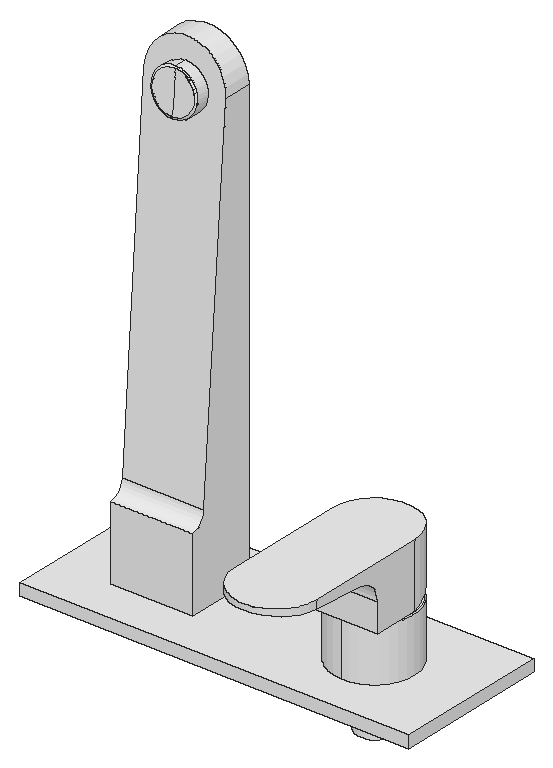
Revit family "Mixer-Bath-Caroma Track-Wall", category Plumbing Fixtures, host Face, Revit 2014
Parameters (values of type "Standard")
  Width_ANZRS = 256 mm  # constant formula
  Waste Connection = no
  WELSRating_ANZRS = ""
  Vent Connection = no
  URL = "http://specify.caroma.com.au/products/mixer-taps/track/track-wall-bath-mixer"
  Type Comments = "Caroma Track Wall Bath Mixer"  # constant formula
  ModifiedIssue_ANZRS = 20150112.01  # constant formula
  Model = "90217C"  # constant formula
  Material_ANZRS = Metal-Chrome-Caroma
  Manufacturer = "GWA Bathrooms & Kitchens"  # constant formula
  Length_ANZRS = 200 mm  # constant formula
  Height_ANZRS = 124 mm  # constant formula
  HWFU = 4
  HW Connection = yes
  Description = "Track mixers and showers from Australia's leading bathroom brand will lift the feel of any bathroom. Choose the clean, contemporary European design without the European price."  # constant formula
  Default Elevation = 500 mm
  CreatedBy_ANZRS = "Design Content"  # constant formula
  CreatedByURL_ANZRS = "http://www.designcontent.com.au"
  Cost = 0
  Connector Radius = 10 mm  # constant formula
  CWFU = 4
  CW Connection = yes
  Assembly Code = "D2020300"
Reference planes
  plane 1 "Center (Front/Back)": y = 0
  plane 2: z = 0
  plane 3 "Center (Left/Right)": x = 0
  plane 4 "Centre of Outlet": x = -50
  plane 5 "Centre of Mixer": x = 50
Forms (mm)
  Extrusion 1, solid, material "Metal-Chrome-Caroma" <- "Material_ANZRS"
    sketch origin (64.142, 0, 0) x (1, 0, 0) y (0, 1, 0)
      loop
        circle (-7.071, -7.071) r 10
    from -20 to 0
  Extrusion 2, solid, material "Metal-Chrome-Caroma" <- "Material_ANZRS"
    sketch origin (35.858, 0, 0) x (-1, 0, 0) y (0, -1, 0)
      loop
        circle (-7.071, -7.071) r 10
    from -20 to 0
  Extrusion 3, solid, material "Metal-Chrome-Caroma" <- "Material_ANZRS"
    sketch origin (0, 0, 0) x (1, 0, 0) y (0, 1, 0)
      loop
        line (-100, 40) -> (-100, -40) -> (100, -40) -> (100, 40) -> (-100, 40)
    from 0 to 6
  Revolve 4, solid, material "Metal-Chrome-Caroma" <- "Material_ANZRS"
    sketch origin (-50, 0, 0) x (0, 1, 0) y (0, 0, 1)
      loop
        line (-2.447, 245.493) -> (-3.098, 244.543) -> (-3.926, 233.61) -> (3.263, 233.066) -> (4.166, 244.992) -> (-2.447, 245.493)
      axis (3.263, 233.066) -> (-3.926, 233.61)
    angle from 0 to 360
  Revolve 5, solid, material "Metal-Chrome-Caroma" <- "Material_ANZRS", detail levels fine
    sketch origin (50, 1524, 1219.2) x (0, 1, 0) y (0, 0, 1)
      loop
        line (-1549.103, -1168.812) -> (-1548.001, -1168.812) -> (-1548.001, -1165.134)
        arc (-1548.001, -1165.134) -> (-1548.334, -1165.359) -> (-1548.548, -1165.699) r 0.975
        arc (-1548.548, -1165.699) -> (-1548.963, -1167.231) -> (-1549.103, -1168.812) r 8.996
      axis (-1548.001, -1168.812) -> (-1549.103, -1168.812)
    angle from 0 to 360
  Extrusion 6, void
    sketch origin (50, 1524, 1219.2) x (0, -1, 0) y (0, 0, 1)
      loop
        line (1499.35, -1172.305) -> (1499.35, -1184.131) -> (1524.7, -1184.131) -> (1499.35, -1172.305)
      loop
        line (1548, -1184.935) -> (1609.944, -1184.935) -> (1609.944, -1153.6) -> (1559.163, -1157.151)
        arc (1559.163, -1157.151) -> (1551.224, -1160.938) -> (1548, -1169.122) r 12
        line (1548, -1169.122) -> (1548, -1184.935)
    from -50 to 50
  Extrusion 7, solid, material "Metal-Chrome-Caroma" <- "Material_ANZRS"
    sketch origin (45, 0, -122.5) x (1, 0, 0) y (0, 1, 0)
      loop
        arc (-16, -63.001) -> (5, -84) -> (26, -63.001) r 21
        line (26, -63.001) -> (26, 0)
        arc (26, 0) -> (5, 21) -> (-16, 0) r 21
        line (-16, 0) -> (-16, -63.001)
    from 157.9 to 190.9
  Revolve 8, solid, material "Metal-Chrome-Caroma" <- "Material_ANZRS"
    sketch origin (50, 1524, 1219.2) x (0, 1, 0) y (0, 0, 1)
      loop
        line (-1524, -1213.2) -> (-1503.028, -1213.2) -> (-1503.028, -1185.2)
        arc (-1503.028, -1185.2) -> (-1503.174, -1184.846) -> (-1503.528, -1184.7) r 0.5
        line (-1503.528, -1184.7) -> (-1505.526, -1184.7)
        arc (-1505.526, -1184.7) -> (-1506.899, -1178.494) -> (-1510.297, -1173.122) r 18.448
        line (-1510.297, -1173.122) -> (-1524, -1173.122) -> (-1524, -1213.2)
      axis (-1524, -1213.2) -> (-1524, -1173.122)
    angle from 0 to 360
  Extrusion 9, solid, material "Metal-Chrome-Caroma" <- "Material_ANZRS"
    sketch origin (0, 0, 0) x (1, 0, 0) y (0, 0, 1)
      loop
        line (-71, 6) -> (-29, 6) -> (-29, 235)
        arc (-29, 235) -> (-50, 256) -> (-71, 235) r 21
        line (-71, 235) -> (-71, 6)
    from -18 to 20.898
  Extrusion 10, void
    sketch origin (0, 0, 0) x (0, 1, 0) y (0, 0, 1)
      loop
        line (5.379, 261) -> (-61.185, 261) -> (-61.185, -3.06) -> (-18, -3.06) -> (-18, 44.014)
        arc (-18, 44.014) -> (-12.861, 46.296) -> (-10.493, 51.396) r 8
        line (-10.493, 51.396) -> (5.379, 261)
    from -77.337 to -23.986
Cuts and joins
  Extrusion 6 cuts Extrusion 7
  Extrusion 10 cuts Extrusion 9
  joined: Extrusion 3, Revolve 4, Extrusion 7, Revolve 8, Extrusion 9
Lines and regions (mm)
  Masking region 1
    outline origin (0, 0, 0) x (1, 0, 0) y (0, 1, 0)
      loop
        line (-100, 40) -> (-100, -40) -> (29, -40) -> (29, -63.001)
        arc (29, -63.001) -> (50, -84) -> (71, -63.001) r 21
        line (71, -63.001) -> (71, -40) -> (100, -40) -> (100, 40) -> (-100, 40)
  Masking region 2
    outline origin (0, 0, 0) x (1, 0, 0) y (0, 0, 1)
      loop
        line (100, 0) -> (100, 6) -> (70.972, 6) -> (70.972, 34.5) -> (68.474, 34.5) -> (68.411, 35.4) -> (71, 35.4) -> (71, 68.4) -> (50, 68.4) -> (29, 68.4) -> (29, 35.4) -> (31.589, 35.4) -> (31.526, 34.5) -> (29.028, 34.5) -> (29.028, 6) -> (-29, 6) -> (-29, 235)
        arc (-29, 235) -> (-50, 256) -> (-71, 235) r 21
        line (-71, 235) -> (-71, 6) -> (-100, 6) -> (-100, 0) -> (100, 0)
  symbolic lines, style "Taps/Mixers"
    curve 1: arc (71, 0, 0) -> (50, 21, 0) -> (29, 0, 0) r 21
    curve 2: line (29, 0, 0) -> (29, -63.001, 0)
    curve 3: line (71, -63.001, 0) -> (71, 0, 0)
    curve 4: line (-71, 18, 0) -> (-29, 18, 0)
    curve 5: line (-71, -18, 0) -> (-71, 18, 0)
    curve 6: line (-29, -18, 0) -> (-71, -18, 0)
    curve 7: line (-29, 18, 0) -> (-29, -18, 0)
    curve 8: line (68.474, 0, 34.5) -> (31.526, 0, 34.5)
    curve 9: line (71, 0, 35.4) -> (68.412, 0, 35.4)
    curve 10: line (29, 0, 35.4) -> (31.588, 0, 35.4)
    curve 11: spline (50, 0, 42.876) -> (52.344, 0, 42.813) -> (54.65, 0, 42.624) -> (56.88, 0, 42.313) -> (58.999, 0, 41.885) -> (60.971, 0, 41.346) -> (62.765, 0, 40.705) -> (64.352, 0, 39.973) -> (65.705, 0, 39.161) -> (66.804, 0, 38.284) -> (67.629, 0, 37.354) -> (68.168, 0, 36.388) -> (68.412, 0, 35.4)
    curve 12: spline (31.588, 0, 35.4) -> (31.832, 0, 36.388) -> (32.371, 0, 37.354) -> (33.196, 0, 38.284) -> (34.295, 0, 39.161) -> (35.648, 0, 39.973) -> (37.235, 0, 40.705) -> (39.029, 0, 41.346) -> (41.001, 0, 41.885) -> (43.12, 0, 42.313) -> (45.35, 0, 42.624) -> (47.656, 0, 42.813) -> (50, 0, 42.876)
    curve 13: line (29, 0, 35.4) -> (71, 0, 35.4)
    curve 14: line (70.972, 0, 6) -> (29.028, 0, 6)
    curve 15: line (-29, 0, 6) -> (-71, 0, 6)
    curve 16: spline (-70.992, 3.41, 0) -> (-70.29, 3.821, 0) -> (-68.2, 4.204, 0) -> (-64.865, 4.534, 0) -> (-60.514, 4.786, 0) -> (-55.443, 4.945, 0) -> (-50, 4.999, 0) -> (-44.557, 4.945, 0) -> (-39.486, 4.786, 0) -> (-35.135, 4.534, 0) -> (-31.8, 4.204, 0) -> (-29.71, 3.821, 0) -> (-29.008, 3.41, 0)
    curve 17: spline (-38.039, 3.263, 0) -> (-38.447, 3.497, 0) -> (-39.642, 3.715, 0) -> (-41.543, 3.902, 0) -> (-44.02, 4.045, 0) -> (-46.904, 4.136, 0) -> (-50, 4.166, 0) -> (-53.096, 4.136, 0) -> (-55.98, 4.045, 0) -> (-58.457, 3.902, 0) -> (-60.358, 3.715, 0) -> (-61.553, 3.497, 0) -> (-61.961, 3.263, 0)
    curve 18: spline (-61.804, -3.496, 0) -> (-61.865, -3.236, 0) -> (-60.942, -2.985, 0) -> (-59.114, -2.765, 0) -> (-56.531, -2.593, 0) -> (-53.406, -2.484, 0) -> (-50, -2.447, 0) -> (-46.594, -2.484, 0) -> (-43.469, -2.593, 0) -> (-40.886, -2.765, 0) -> (-39.058, -2.985, 0) -> (-38.135, -3.236, 0) -> (-38.196, -3.496, 0)
    curve 19: line (-38.196, -3.496, 0) -> (-39.134, -4.037, 0)
    curve 20: line (-61.804, -3.496, 0) -> (-60.866, -4.037, 0)
    curve 21: spline (-60.964, -3.926, 0) -> (-60.59, -4.14, 0) -> (-59.495, -4.34, 0) -> (-57.753, -4.511, 0) -> (-55.482, -4.643, 0) -> (-52.838, -4.725, 0) -> (-50, -4.754, 0) -> (-47.162, -4.725, 0) -> (-44.518, -4.643, 0) -> (-42.247, -4.511, 0) -> (-40.505, -4.34, 0) -> (-39.41, -4.14, 0) -> (-39.036, -3.926, 0) -> (-39.41, -3.711, 0) -> (-40.505, -3.512, 0) -> (-42.247, -3.34, 0) -> (-44.518, -3.209, 0) -> (-47.162, -3.126, 0) -> (-50, -3.098, 0) -> (-52.838, -3.126, 0) -> (-55.482, -3.209, 0) -> (-57.753, -3.34, 0) -> (-59.495, -3.512, 0) -> (-60.59, -3.711, 0) -> (-60.964, -3.926, 0)
    curve 22: line (-61.961, 3.263, 0) -> (-61.961, -3.35, 0)
    curve 23: line (-38.039, 3.263, 0) -> (-38.039, -3.35, 0)
Dimensions and locks
  aligned and locked: plane 2 to host face
  aligned and locked: level to host face
Connectors
  piping at (57.071, -7.071, -20), diameter 20, driven by "Connector Radius", driven by "CWFU"
    settings: on Extrusion 1, index 5, connector inside diameter 0.7874", connector length 0 mm, flow factor 0, pipe flow 0 GPM, pressure drop 0.00 psi, fitting loss kfactor 0, connector angle 0.00°, fixture units 4, engagement length 0 mm, angle of deflection 0.00°, flow configuration 3, flow direction 1, fitting loss method 101, system type 20, joint type 0, gender type 0, connector reference index -1, connector utility 0, adjustable connector no, is connector primary yes, connector description ""
  piping at (42.929, 7.071, -20), diameter 20, driven by "Connector Radius", driven by "HWFU"
    settings: on Extrusion 2, index 6, connector inside diameter 0.7874", connector length 0 mm, flow factor 0, pipe flow 0 GPM, pressure drop 0.00 psi, fitting loss kfactor 0, connector angle 0.00°, fixture units 4, engagement length 0 mm, angle of deflection 0.00°, flow configuration 3, flow direction 1, fitting loss method 101, system type 19, joint type 0, gender type 0, connector reference index -1, connector utility 0, adjustable connector no, is connector primary no, connector description ""
